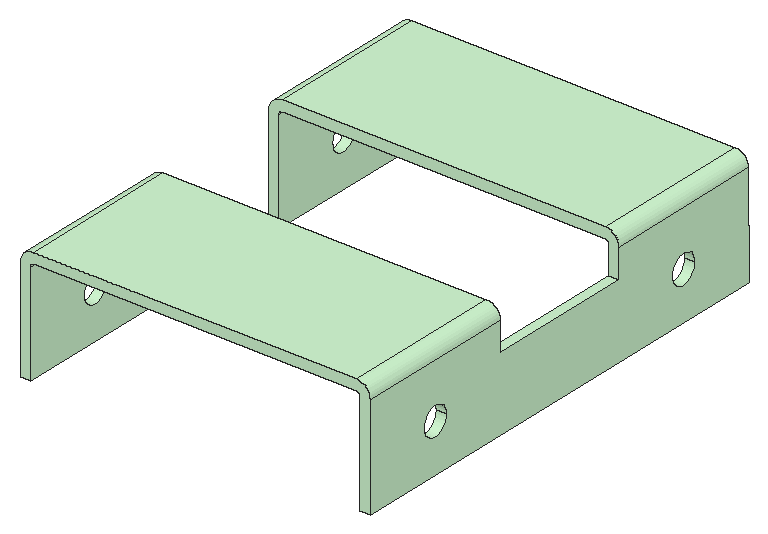
Revit family "TBN-Wカバー", category 機械設備, Revit 2020
Family settings
  丸型コネクタ寸法 = 直径を使用
  種別 = なし
  パーツ タイプ = 標準
  作業面ベース = いいえ
  常に垂直 = いいえ
  ロード時にボイドで切り取り = いいえ
  共有 = いいえ
  部屋計算ポイント = いいえ
Parameters
  製造元 = "株式会社桐井製作所"
  既定の高さ = 0 mm
  URL = "https://www.kirii.co.jp/"
  K_許容荷重(水平)野縁方向(N) = 3000
  K_許容荷重(水平)野縁受け方向(N) = 2000
  K_許容荷重(引張)(N) = 2300
  K_板厚(mm) = 1.6 mm
  K_品名 = "TBN-Wカバー"
  K_名称 = "クリップ補強"
  K_入数 = "100"
  K_備考 = "許容荷重は、耐風圧Wクリップと組み合わせた状態の数値です。"
  K_バージョン情報 = "20211216"
Reference planes
  plane 1 "中心(正面/背面)": y = 0
  plane 2: z = 0
  plane 3 "中心(左/右)": x = 0
Forms (mm)
  Extrusion 1, solid
    sketch origin (1.146, 17.5, 15.138) x (1, 0, 0) y (0, 0, 1)
      loop
        line (-26.109, 1.262) -> (23.817, 1.262)
        arc (23.817, 1.262) -> (24.17, 1.115) -> (24.317, 0.762) r 0.5
        line (24.317, 0.762) -> (24.317, -15.138) -> (25.917, -15.138) -> (25.917, 0.762)
        arc (25.917, 0.762) -> (25.302, 2.247) -> (23.817, 2.862) r 2.1
        line (23.817, 2.862) -> (-26.109, 2.862)
        arc (-26.109, 2.862) -> (-27.594, 2.247) -> (-28.209, 0.762) r 2.1
        line (-28.209, 0.762) -> (-28.209, -15.138) -> (-26.609, -15.138) -> (-26.609, 0.762)
        arc (-26.609, 0.762) -> (-26.463, 1.115) -> (-26.109, 1.262) r 0.5
    from -19.783 to 53.217
  Extrusion 2, void
    sketch origin (0, 0, 0) x (0, 1, 0) y (0, 0, 1)
      loop
        line (-10.717, 18) -> (-10.717, 11.4) -> (12.283, 11.4) -> (12.283, 18) -> (-10.717, 18)
    from 24.963 to 27.063
  Extrusion 3, void
    sketch origin (0, 0, 0) x (0, 1, 0) y (0, 0, 1)
      loop
        line (-10.717, 18) -> (-10.717, 16.4) -> (12.283, 16.4) -> (12.283, 18) -> (-10.717, 18)
    from -27.318 to 24.963
  Extrusion 4, void
    sketch origin (0, 0, 0) x (0, 1, 0) y (0, 0, -1)
      loop
        line (-10.717, -18) -> (12.283, -18) -> (12.283, 0) -> (-10.717, 0) -> (-10.717, -18)
    from 24.963 to 27.318
  Extrusion 5, void
    sketch origin (0, 0, 0) x (0, 1, 0) y (0, 0, 1)
      loop
        circle (-23.217, 7.4) r 2.25
      loop
        circle (24.783, 7.409) r 2.25
    from 25.463 to 27.063
  Extrusion 6, void
    sketch origin (-52.526, 0, 0) x (0, 1, 0) y (0, 0, 1)
      loop
        circle (-23.217, 7.4) r 2.25
      loop
        circle (24.783, 7.409) r 2.25
    from 25.463 to 27.063
Cuts and joins
  Extrusion 2, Extrusion 3, Extrusion 4, Extrusion 5, Extrusion 6 cuts Extrusion 1
Dimensions and locks
  aligned and locked: level to plane 2
